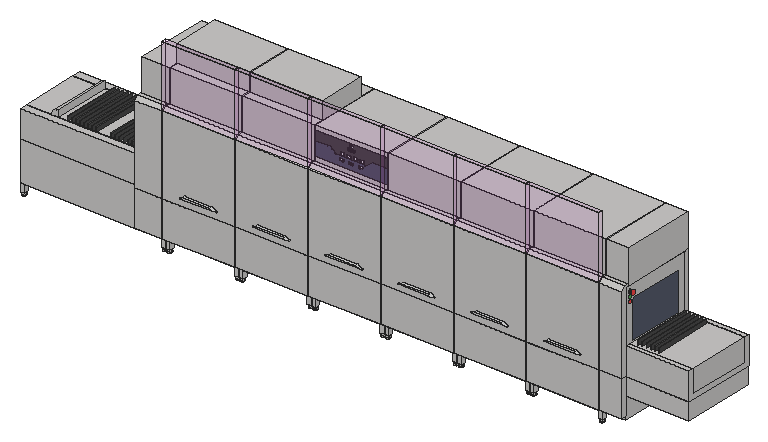
Revit family "QF_ELECTROLUXPROFESSIONAL_520128_EFTD108EL2U3D1M5ER385", category Attrezzature speciali, Revit 2020
Family settings
  Quota connettore circolare = Usa diametro
  Tipo di parte = Normale
  Basato su piano di lavoro = No
  Sempre verticale = Sì
  Taglio con vuoti quando caricato = No
  Condiviso = No
  Punto di calcolo locali = No
Parameters (values of type "Standard")
  Weight = 1602.00 kg
  Watts = 87700 W
  Volts = 380 V
  URL Manufacturer = "https://www.electroluxprofessional.com/"
  URL = "https://www.electroluxprofessional.com/"
  Steam Supply Size = 0 mm
  Steam Supply Minimum Pressure = 0.0 Pa
  Steam Supply Maximum Pressure = 0.0 Pa
  Steam Consumption per Hour = 0
  Show Logo [instance] = yes
  Show Clearance [instance] = yes
  Refrigeration Suction Line Size = 0 mm
  Refrigeration Liquid Line Size = 0 mm
  Refrigerant Compressor Remote = yes
  Prospetto di default = 0 mm
  Produttore = "Electrolux Professional"
  Phase = 3
  Modello = "EFTD108EL2U3D1M5ER385"
  Length Actual = 7350 mm  # constant formula
  Item Number = "520128"
  Hot Water Size = 0 mm
  Height Actual = 1983 mm  # constant formula
  HP = "117.6 HP"
  Gas Size = 0 mm
  Gas KW = 0
  Gas Input Pressure = 0 W
  Direct Waste Size = 50.8 mm
  Descrizione = "FT, 4TANKS, 10800D/H, EL., 950MM LOADING, 1600MM UNLOADING, 1DRYER, 55MM CONVEYOR,ESD,R>L,380V50HZ3P"
  Depth Actual = 946 mm  # constant formula
  Cycle = 50 Hz
  Condensate Return Size = 0 mm
  Compressed Air Volume = 0.0 L/s
  Compressed Air Size = 0 mm
  Compressed Air Pressure = 0.0 Pa
  Cold Water Size = 0 mm
  Accessory = yes
Reference planes
  plane 1 "Centro (Fronte/Retro)": y = 0
  plane 2: z = 0
  plane 3 "Centro (Sinistra/Destra)": x = 0
  plane 4: z = 115
Forms (mm)
  Extrusion 1, solid, material "QF_Finishes_Stainless Steel"
    sketch origin (2882.404, 2, 1806.023) x (1, 0, 0) y (0, 0, 1)
      loop
        line (407.596, -163.023) -> (407.596, -183.023) -> (427.596, -183.023) -> (427.596, -163.023) -> (407.596, -163.023)
    from 0 to 2
  Extrusion 2, solid, material "QF_Finishes_Stainless Steel"
    sketch origin (-5.617, 22.464, 1290.159) x (0, 0, -1) y (0, 1, 0)
      loop
        circle (1102.159, -772.464) r 25
    from -9.383 to 5.617
  Extrusion 3, solid, material "QF_Finishes_Stainless Steel"
    sketch origin (3542.404, 2, 337.984) x (1, 0, 0) y (0, 0, 1)
      loop
        line (407.596, -163.023) -> (407.596, -183.023) -> (427.596, -183.023) -> (427.596, -163.023) -> (407.596, -163.023)
    from 0 to 2
  Extrusion 4, solid, material "QF_Finishes_Stainless Steel"
    sketch origin (947.841, 200.464, 109.383) x (1, 0, 0) y (0, 1, 0)
      loop
        circle (1102.159, -772.464) r 10
    from -9.383 to 5.617
Dimensions and locks
  plane 4 to level = 115 mm
  aligned and locked: level to plane 2
Nested families
  nested 1: "MODULO_CENTER_800_FAN" at (1983.563, -388.258, 0), Show Clearance <- "Show Clearance", type "MODULO_CENTER_800_FAN"
    with Show Logo yes, Show Clearance yes, R_L no, L_R yes
  nested 2: "MODULO_CENTER_800_FAN" at (2783.563, -388.258, 0), Show Clearance <- "Show Clearance", type "MODULO_CENTER_800_FAN"
    with Show Logo yes, Show Clearance yes, R_L no, L_R yes
  nested 3: "MODULO_CENTER_800" at (3583.563, -388.258, 0), Show Clearance <- "Show Clearance", type "MODULO_CENTER_800"
    with Show Logo yes, Show Clearance yes, R_L no, L_R yes
  nested 4: "MODULO_ENTRY_DISH_950" at (6791.437, -523.742, 0) x (-1, 0, 0) z (0, 0, 1), type "MODULO_ENTRY_DISH_950"
    with Show Logo yes, Show Clearance yes, R_L yes, L_R no
  nested 5: "MODULO_USCITA_DISH_1600" at (1241.437, -523.742, 0) x (-1, 0, 0) z (0, 0, 1), type "MODULO_USCITA_DISH_1600"
    with Show Logo yes, Show Clearance yes, R_L no, L_R yes
  nested 6: "Piedino_Square_115H" at (23.5, -838.5, 0), type "Piedino_Square_115H"
  nested 7: "Piedino_Square_115H" at (23.5, -73.5, 0), type "Piedino_Square_115H"
  nested 8: "Piedino_Square_115H" at (1576.5, -838.5, 0), type "Piedino_Square_115H"
  nested 9: "Piedino_Square_115H" at (1576.5, -73.5, 0), type "Piedino_Square_115H"
  nested 10: "Piedino_Square_115H" at (1623.5, -838.5, 0), type "Piedino_Square_115H"
  nested 11: "Piedino_Square_115H" at (1623.5, -73.5, 0), type "Piedino_Square_115H"
  nested 12: "Piedino_Square_115H" at (2376.5, -838.5, 0), type "Piedino_Square_115H"
  nested 13: "Piedino_Square_115H" at (2376.5, -73.5, 0), type "Piedino_Square_115H"
  nested 14: "Piedino_Square_115H" at (2423.5, -838.5, 0) x (-1, 0, 0) z (0, 0, 1), type "Piedino_Square_115H"
  nested 15: "Piedino_Square_115H" at (2423.5, -73.5, 0) x (-1, 0, 0) z (0, 0, 1), type "Piedino_Square_115H"
  nested 16: "Piedino_Square_115H" at (3176.5, -838.5, 0) x (-1, 0, 0) z (0, 0, 1), type "Piedino_Square_115H"
  nested 17: "Piedino_Square_115H" at (3176.5, -73.5, 0) x (-1, 0, 0) z (0, 0, 1), type "Piedino_Square_115H"
  nested 18: "Piedino_Square_115H" at (3223.5, -838.5, 0), type "Piedino_Square_115H"
  nested 19: "Piedino_Square_115H" at (3223.5, -73.5, 0), type "Piedino_Square_115H"
  nested 20: "Piedino_Square_115H" at (3976.5, -838.5, 0), type "Piedino_Square_115H"
  nested 21: "Piedino_Square_115H" at (3976.5, -73.5, 0), type "Piedino_Square_115H"
  nested 22: "MANIGLIA_FLIGHT_400" at (3600, -912, 639.28) x (1, 0, 0) z (0, -1, 0), type "MANIGLIA_FLIGHT_400"
  nested 23: "MANIGLIA_FLIGHT_400" at (2800, -912, 639.28) x (1, 0, 0) z (0, -1, 0), type "MANIGLIA_FLIGHT_400"
  nested 24: "MANIGLIA_FLIGHT_400" at (2000, -912, 639.28) x (1, 0, 0) z (0, -1, 0), type "MANIGLIA_FLIGHT_400"
  nested 25: "MODULO_CENTER_800" at (4416.437, -388.258, 0) x (-1, 0, 0) z (0, 0, 1), Show Clearance <- "Show Clearance", type "MODULO_CENTER_800"
    with Show Logo yes, Show Clearance yes, R_L no, L_R yes
  nested 26: "Piedino_Square_115H" at (4776.5, -838.5, 0) x (-1, 0, 0) z (0, 0, 1), type "Piedino_Square_115H"
  nested 27: "Piedino_Square_115H" at (4776.5, -73.5, 0) x (-1, 0, 0) z (0, 0, 1), type "Piedino_Square_115H"
  nested 28: "Piedino_Square_115H" at (4023.5, -838.5, 0) x (-1, 0, 0) z (0, 0, 1), type "Piedino_Square_115H"
  nested 29: "Piedino_Square_115H" at (4023.5, -73.5, 0) x (-1, 0, 0) z (0, 0, 1), type "Piedino_Square_115H"
  nested 30: "MANIGLIA_FLIGHT_400" at (4400, -912, 639.28) x (-1, 0, 0) z (0, -1, 0), type "MANIGLIA_FLIGHT_400"
  nested 31: "MODULO_CENTER_800" at (5183.563, -388.258, 0), Show Clearance <- "Show Clearance", type "MODULO_CENTER_800"
    with Show Logo yes, Show Clearance yes, R_L no, L_R yes
  nested 32: "Piedino_Square_115H" at (4823.5, -838.5, 0), type "Piedino_Square_115H"
  nested 33: "Piedino_Square_115H" at (4823.5, -73.5, 0), type "Piedino_Square_115H"
  nested 34: "Piedino_Square_115H" at (5576.5, -838.5, 0), type "Piedino_Square_115H"
  nested 35: "Piedino_Square_115H" at (5576.5, -73.5, 0), type "Piedino_Square_115H"
  nested 36: "MANIGLIA_FLIGHT_400" at (5200, -912, 639.28) x (1, 0, 0) z (0, -1, 0), type "MANIGLIA_FLIGHT_400"
  nested 37: "MODULO_CENTER_800" at (6016.437, -388.258, 0) x (-1, 0, 0) z (0, 0, 1), Show Clearance <- "Show Clearance", type "MODULO_CENTER_800"
    with Show Logo yes, Show Clearance yes, R_L no, L_R yes
  nested 38: "Piedino_Square_115H" at (6376.5, -838.5, 0) x (-1, 0, 0) z (0, 0, 1), type "Piedino_Square_115H"
  nested 39: "Piedino_Square_115H" at (6376.5, -73.5, 0) x (-1, 0, 0) z (0, 0, 1), type "Piedino_Square_115H"
  nested 40: "Piedino_Square_115H" at (5623.5, -838.5, 0) x (-1, 0, 0) z (0, 0, 1), type "Piedino_Square_115H"
  nested 41: "Piedino_Square_115H" at (5623.5, -73.5, 0) x (-1, 0, 0) z (0, 0, 1), type "Piedino_Square_115H"
  nested 42: "MANIGLIA_FLIGHT_400" at (6000, -912, 639.28) x (-1, 0, 0) z (0, -1, 0), type "MANIGLIA_FLIGHT_400"
  nested 43: "Schermo_Flight_800" at (3600, -815, 1592.791) x (1, 0, 0) z (0, -1, 0), type "Schermo_Flight_800"
  nested 44: "ELX_LOGO_WORDS_WHITE" at (3600, -816.6, 1682.791) x (1, 0, 0) z (0, -1, 0), Show Logo <- "Show Logo", visible <- "Show Logo", type "ELX_LOGO_WORDS_WHITE"
    with Show Logo yes
  nested 45: "ELX_LOGO_MONO_SMALL_WHITE" at (3590.08, -816.6, 1668.791) x (-1, 0, 0) z (0, -1, 0), Show Logo <- "Show Logo", visible <- "Show Logo", type "ELX_LOGO_MONO_SMALL_WHITE"
    with Show Logo yes
Connectors
  electrical at (3300, 2, 1633)
    settings: on Extrusion 1, index 69, voltage 0 V, apparent load 0 VA, apparent load phase1 0 VA, apparent load phase2 0 VA, apparent load phase3 0 VA, power factor 1, load classification "Altro", number of poles 1, system type 30, power factor state 1, is connector primary yes, connector utility no, sub classification motor no, connector description "EI"
  piping at (-15, -750, 188), diameter 50
    settings: on Extrusion 2, index 70, connector inside diameter 609.6 mm, connector length 0 mm, flow factor 0, pipe flow 0.0 L/s, pressure drop 0.0 Pa, fitting loss kfactor 0, connector angle 0.00°, fixture units 0, engagement length 0 mm, angle of deflection 0.00°, flow configuration 0, flow direction 0, fitting loss method 0, system type 29, joint type 0, gender type 0, connector reference index -1, connector utility 0, adjustable connector no, is connector primary yes, connector description "D"
  electrical at (3960, 2, 164.961)
    settings: on Extrusion 3, index 71, voltage 0 V, apparent load 0 VA, apparent load phase1 0 VA, apparent load phase2 0 VA, apparent load phase3 0 VA, power factor 1, load classification "Altro", number of poles 1, system type 30, power factor state 1, is connector primary no, connector utility no, sub classification motor no, connector description "EQ"
  piping at (2050, -572, 100), diameter 19.1
    settings: on Extrusion 4, index 72, connector inside diameter 609.6 mm, connector length 0 mm, flow factor 0, pipe flow 0.0 L/s, pressure drop 0.0 Pa, fitting loss kfactor 0, connector angle 0.00°, fixture units 0, engagement length 0 mm, angle of deflection 0.00°, flow configuration 0, flow direction 0, fitting loss method 0, system type 29, joint type 0, gender type 0, connector reference index -1, connector utility 0, adjustable connector no, is connector primary no, connector description "HWI/CWI"
Definition of nested family "MODULO_CENTER_800_FAN"
  Parameters (values of type "MODULO_CENTER_800_FAN")
    URL = "http://professional.electrolux.com"
    Show Logo [instance] = yes
    R_L [instance] = not(L_R)  # no
    Default Elevation = 0 mm
    Manufacturer = "Electrolux"
    Model = "ESR10E5"
    Length Actual = 800 mm
    Show Clearance [instance] = yes
    L_R [instance] = yes
    Height Actual = 1792 mm
    Description = "SINGLE RINSE RT, 100R/H, ELECTRIC 50HZ"
    Depth Actual = 912 mm
  Reference planes
    plane 1 "Center X": y = -67.742
    plane 2: z = 0
    plane 3 "LEFT": x = -383.563
    plane 4 "RIGHT": x = 416.437
    plane 5 "BACK": y = 388.258
    plane 6 "FEET": z = 115
    plane 7: z = 2092
    plane 8 "TOP": z = 1792
    plane 9 "FRONT": y = -523.742
    plane 10 "Left/Right": x = 16.437
    plane 11 "TopVent": z = 1983
  Forms (mm)
    Extrusion 1, solid
      sketch origin (416.437, 479.936, 4000) x (0, 1, 0) y (0, 0, 1)
        loop
          line (-91.678, -2208) -> (-906.678, -2208) -> (-906.678, -2580) -> (-91.678, -2580) -> (-91.678, -2208)
      from -800 to 0
    Extrusion 2, solid
      sketch origin (-383.563, 437.565, 3910) x (0, 1, 0) y (0, 0, 1)
        loop
          line (-99.307, -2490) -> (-911.307, -2490) -> (-911.307, -3552) -> (-99.307, -3552) -> (-99.307, -2490)
      from 800 to 0
    Extrusion 3, solid
      sketch origin (416.437, 479.936, 4299) x (0, 1, 0) y (0, 0, 1)
        loop
          line (-278.21, -2316) -> (-803.678, -2316) -> (-803.678, -2507) -> (-278.21, -2507) -> (-278.21, -2316)
      from -800 to 0
    Extrusion 4, solid
      sketch origin (16.437, 0, 1.5) x (0, 0, 1) y (0, -1, 0)
        loop
          line (356.5, -338.258) -> (356.5, 473.742) -> (113.5, 473.742) -> (113.5, -338.258) -> (356.5, -338.258)
      from 400 to -400
    Extrusion 5, solid
      sketch origin (16.437, 0, 0) x (0, 0, 1) y (0, -1, 0)
        loop
          line (1420, -338.258) -> (545, -338.258) -> (545, -388.258) -> (1420, -388.258) -> (1420, -338.258)
      from -400 to 400
    Extrusion 6, solid
      sketch origin (16.437, 0, 0) x (0, 0, 1) y (0, -1, 0)
        loop
          line (545, -388.258) -> (545, -338.258) -> (154, -338.258) -> (154, -388.258) -> (545, -388.258)
      from -400 to 400
    Extrusion 7, solid
      sketch origin (16.437, -882.484, -150) x (0, -1, 0) y (0, 0, 1)
        loop
          line (-358.742, 304) -> (-358.742, 695) -> (-408.742, 695) -> (-408.742, 304) -> (-358.742, 304)
      from -400 to 400
    Extrusion 8, solid
      sketch origin (16.437, -882.484, -151) x (0, -1, 0) y (0, 0, 1)
        loop
          line (-408.742, 1571) -> (-408.742, 696) -> (-358.742, 696) -> (-358.742, 1556) -> (-395.742, 1593) -> (-443.742, 1593) -> (-443.742, 1571) -> (-408.742, 1571)
      from -400 to 400
    Extrusion 9, solid, visible <- "Show Clearance"
      sketch origin (16.437, -882.484, 452) x (0, -1, 0) y (0, 0, 1)
        loop
          line (-408.742, 1640) -> (-408.742, 953.624) -> (-358.742, 953.624) -> (-358.742, 1640) -> (-408.742, 1640)
      from -400 to 400
  Dimensions and locks
    plane 3 "LEFT" to plane 4 "RIGHT" = 800 mm
    plane 5 "BACK" to plane 1 "Center X" to plane 9 "FRONT" = 456 mm, 456 mm
    plane 6 "FEET" to level = 115 mm  (x2)
    plane 6 "FEET" to plane 8 "TOP" = 1677 mm
    plane 5 "BACK" to plane 9 "FRONT" = 912 mm  (x2)
    plane 4 "RIGHT" to plane 3 "LEFT" = 800 mm
    plane 9 "FRONT" to plane 5 "BACK" = 912 mm
    level to plane 8 "TOP" = 1792 mm  (x2)
    plane 7 to level = 2092 mm
    plane 11 "TopVent" to plane 2 = 1983 mm
    plane 7 to plane 2 = 2092 mm
    Extrusion 2 to level = 1420 mm
    Extrusion 8 to level = 1442 mm
    plane 11 "TopVent" to level = 1983 mm
    aligned and locked: level to plane 2
Definition of nested family "MODULO_CENTER_800"
  Parameters (values of type "MODULO_CENTER_800")
    URL = "http://professional.electrolux.com"
    Show Logo [instance] = yes
    R_L [instance] = not(L_R)  # no
    Default Elevation = 0 mm
    Manufacturer = "Electrolux"
    Model = "ESR10E5"
    Length Actual = 800 mm
    Show Clearance [instance] = yes
    L_R [instance] = yes
    Height Actual = 1792 mm
    Description = "SINGLE RINSE RT, 100R/H, ELECTRIC 50HZ"
    Depth Actual = 912 mm
  Reference planes
    plane 1 "Center X": y = -67.742
    plane 2: z = 0
    plane 3 "LEFT": x = -383.563
    plane 4 "RIGHT": x = 416.437
    plane 5 "BACK": y = 388.258
    plane 6 "FEET": z = 115
    plane 7: z = 2092
    plane 8 "TOP": z = 1792
    plane 9 "FRONT": y = -523.742
    plane 10 "Left/Right": x = 16.437
  Forms (mm)
    Extrusion 1, solid
      sketch origin (416.437, 479.936, 4000) x (0, 1, 0) y (0, 0, 1)
        loop
          line (-91.678, -2208) -> (-906.678, -2208) -> (-906.678, -2580) -> (-91.678, -2580) -> (-91.678, -2208)
      from -800 to 0
    Extrusion 2, solid
      sketch origin (-383.563, 437.565, 3915) x (0, 1, 0) y (0, 0, 1)
        loop
          line (-99.307, -2495) -> (-911.307, -2495) -> (-911.307, -3557) -> (-99.307, -3557) -> (-99.307, -2495)
      from 800 to 0
    Extrusion 3, solid
      sketch origin (16.437, 0, 1.5) x (0, 0, 1) y (0, -1, 0)
        loop
          line (356.5, -338.258) -> (356.5, 473.742) -> (113.5, 473.742) -> (113.5, -338.258) -> (356.5, -338.258)
      from 400 to -400
    Extrusion 4, solid
      sketch origin (16.437, 0, 0) x (0, 0, 1) y (0, -1, 0)
        loop
          line (1420, -338.258) -> (545, -338.258) -> (545, -388.258) -> (1420, -388.258) -> (1420, -338.258)
      from -400 to 400
    Extrusion 5, solid
      sketch origin (16.437, 0, 0) x (0, 0, 1) y (0, -1, 0)
        loop
          line (545, -388.258) -> (545, -338.258) -> (154, -338.258) -> (154, -388.258) -> (545, -388.258)
      from -400 to 400
    Extrusion 6, solid
      sketch origin (16.437, -882.484, -150) x (0, -1, 0) y (0, 0, 1)
        loop
          line (-358.742, 304) -> (-358.742, 695) -> (-408.742, 695) -> (-408.742, 304) -> (-358.742, 304)
      from -400 to 400
    Extrusion 7, solid
      sketch origin (16.437, -882.484, -151) x (0, -1, 0) y (0, 0, 1)
        loop
          line (-408.742, 1571) -> (-408.742, 696) -> (-358.742, 696) -> (-358.742, 1556) -> (-395.742, 1593) -> (-443.742, 1593) -> (-443.742, 1571) -> (-408.742, 1571)
      from -400 to 400
    Extrusion 8, solid, visible <- "Show Clearance"
      sketch origin (16.437, -882.484, 452) x (0, -1, 0) y (0, 0, 1)
        loop
          line (-408.742, 1640) -> (-408.742, 953.624) -> (-358.742, 953.624) -> (-358.742, 1640) -> (-408.742, 1640)
      from -400 to 400
  Dimensions and locks
    plane 3 "LEFT" to plane 4 "RIGHT" = 800 mm
    plane 5 "BACK" to plane 1 "Center X" to plane 9 "FRONT" = 456 mm, 456 mm
    plane 6 "FEET" to level = 115 mm  (x2)
    plane 6 "FEET" to plane 8 "TOP" = 1677 mm
    plane 5 "BACK" to plane 9 "FRONT" = 912 mm  (x2)
    plane 4 "RIGHT" to plane 3 "LEFT" = 800 mm
    plane 9 "FRONT" to plane 5 "BACK" = 912 mm
    level to plane 8 "TOP" = 1792 mm  (x2)
    plane 7 to level = 2092 mm
    plane 7 to plane 2 = 2092 mm
    Extrusion 2 to level = 1420 mm
    Extrusion 7 to level = 1442 mm
    aligned and locked: level to plane 2
Definition of nested family "MODULO_ENTRY_DISH_950"
  Parameters (values of type "MODULO_ENTRY_DISH_950")
    URL = "http://professional.electrolux.com"
    Show Logo [instance] = yes
    R_L [instance] = not(L_R)  # no
    Default Elevation = 0 mm
    Manufacturer = "Electrolux"
    Model = "ESR10E5"
    Length Actual = 800 mm
    Show Clearance [instance] = yes
    L_R [instance] = yes
    Height Actual = 1792 mm
    Description = "SINGLE RINSE RT, 100R/H, ELECTRIC 50HZ"
    Depth Actual = 912 mm
  Reference planes
    plane 1 "Center (Front/Back)": y = -67.742
    plane 2: z = 0
    plane 3 "LEFT": x = -558.563
    plane 4 "RIGHT": x = 391.437
    plane 5 "BACK": y = 388.258
    plane 6 "FRONT": y = -523.742
    plane 7 "BUTTONS": y = -427.742
    plane 8: z = 115
    plane 9 "2": y = 292.258
  Forms (mm)
    Extrusion 1, solid, visible <- "L_R"
      sketch origin (391.437, 479.936, 4000) x (0, 1, 0) y (0, 0, 1)
        loop
          line (-91.678, -2208) -> (-906.678, -2208) -> (-906.678, -2580) -> (-91.678, -2580) -> (-91.678, -2208)
      from -250 to 0
    Extrusion 2, solid
      sketch origin (-358.563, 437.565, 3910) x (0, 1, 0) y (0, 0, 1)
        loop
          line (-99.307, -2490) -> (-911.307, -2490) -> (-911.307, -3552) -> (-99.307, -3552) -> (-99.307, -2490)
      from 750 to 500
    Extrusion 3, solid
      sketch origin (-558.563, 437.565, 3910) x (0, 1, 0) y (0, 0, 1)
        loop
          line (-99.307, -3365) -> (-99.307, -3060) -> (-149.307, -3060) -> (-149.307, -3315) -> (-861.307, -3315) -> (-861.307, -3060) -> (-911.307, -3060) -> (-911.307, -3365) -> (-99.307, -3365)
      from 700 to 0
    Extrusion 4, solid
      sketch origin (16.437, 0, -4.987) x (0, 0, 1) y (0, -1, 0)
        loop
          line (362.987, -338.258) -> (362.987, 473.742) -> (119.987, 473.742) -> (119.987, -338.258) -> (362.987, -338.258)
      from 375 to 125
    Extrusion 5, solid, visible <- "L_R"
      sketch origin (16.437, 0, 0) x (0, 0, 1) y (0, -1, 0)
        loop
          line (1420, -338.258) -> (545, -338.258) -> (545, -388.258) -> (1420, -388.258) -> (1420, -338.258)
      from 125 to 375
    Extrusion 6, solid
      sketch origin (16.437, 0, 0) x (0, 0, 1) y (0, -1, 0)
        loop
          line (545, -388.258) -> (545, -338.258) -> (154, -338.258) -> (154, -388.258) -> (545, -388.258)
      from 125 to 375
    Extrusion 7, solid
      sketch origin (-558.563, 437.565, 3607.258) x (0, 1, 0) y (0, 0, 1)
        loop
          line (-99.307, -3249.258) -> (-99.307, -3062.258) -> (-911.307, -3062.258) -> (-911.307, -3249.258) -> (-99.307, -3249.258)
      from 700 to 0
    Extrusion 8, solid
      sketch origin (-558.563, 437.565, 4000) x (0, 1, 0) y (0, 0, 1)
        loop
          line (-149.307, -3150) -> (-861.307, -3150) -> (-861.307, -3405) -> (-149.307, -3405) -> (-149.307, -3150)
      from 0 to 700
    Extrusion 9, solid
      sketch origin (266.437, -882.484, -150) x (0, -1, 0) y (0, 0, 1)
        loop
          line (-358.742, 304) -> (-358.742, 695) -> (-408.742, 695) -> (-408.742, 304) -> (-358.742, 304)
      from -125 to 125
    Extrusion 10, solid, visible <- "L_R"
      sketch origin (266.437, -882.484, -151) x (0, -1, 0) y (0, 0, 1)
        loop
          line (-408.742, 1571) -> (-408.742, 696) -> (-358.742, 696) -> (-358.742, 1556) -> (-395.742, 1593) -> (-443.742, 1593) -> (-443.742, 1571) -> (-408.742, 1571)
      from -125 to 125
    Extrusion 11, solid
      sketch origin (-358.563, 437.565, 4000) x (0, 1, 0) y (0, 0, 1)
        loop
          line (-199.307, -2725.701) -> (-811.307, -2725.701) -> (-811.307, -3137.701) -> (-199.307, -3137.701) -> (-199.307, -2725.701)
      from 495.458 to 500
    Extrusion 12, solid, visible <- "R_L"
      sketch origin (266.437, 747, -151) x (0, 1, 0) y (0, 0, -1)
        loop
          line (-408.742, -1571) -> (-443.742, -1571) -> (-443.742, -1593) -> (-395.742, -1593) -> (-358.742, -1556) -> (-358.742, -696) -> (-408.742, -696) -> (-408.742, -1571)
      from -125 to 125
    Extrusion 13, solid, visible <- "R_L"
      sketch origin (16.437, -135.484, 0) x (0, 0, 1) y (0, -1, 0)
        loop
          line (1420, 338.258) -> (1420, 388.258) -> (545, 388.258) -> (545, 338.258) -> (1420, 338.258)
      from 125 to 375
    Extrusion 14, solid, visible <- "R_L"
      sketch origin (391.437, -615.42, 4000) x (0, -1, 0) y (0, 0, -1)
        loop
          line (-91.678, 2208) -> (-91.678, 2580) -> (-906.678, 2580) -> (-906.678, 2208) -> (-91.678, 2208)
      from -250 to 0
    Extrusion 15, solid
      sketch origin (-191.477, -192.742, -3) x (-1, 0, 0) y (0, 0, 1)
        loop
          line (-26.676, 853) -> (-26.676, 898) -> (-36.676, 898) -> (-36.676, 853) -> (-26.676, 853)
      from -196 to 446
    Extrusion 16, solid
      sketch origin (-146.477, -192.742, -3) x (-1, 0, 0) y (0, 0, 1)
        loop
          line (-26.676, 853) -> (-26.676, 898) -> (-36.676, 898) -> (-36.676, 853) -> (-26.676, 853)
      from -196 to 446
    Extrusion 17, solid
      sketch origin (-101.477, -192.742, -3) x (-1, 0, 0) y (0, 0, 1)
        loop
          line (-26.676, 853) -> (-26.676, 898) -> (-36.676, 898) -> (-36.676, 853) -> (-26.676, 853)
      from -196 to 446
    Extrusion 18, solid
      sketch origin (-56.477, -192.742, -3) x (-1, 0, 0) y (0, 0, 1)
        loop
          line (-26.676, 853) -> (-26.676, 898) -> (-36.676, 898) -> (-36.676, 853) -> (-26.676, 853)
      from -196 to 446
    Extrusion 19, solid
      sketch origin (-11.477, -192.742, -3) x (-1, 0, 0) y (0, 0, 1)
        loop
          line (-26.676, 853) -> (-26.676, 898) -> (-36.676, 898) -> (-36.676, 853) -> (-26.676, 853)
      from -196 to 446
    Extrusion 20, solid
      sketch origin (33.523, -192.742, -3) x (-1, 0, 0) y (0, 0, 1)
        loop
          line (-26.676, 853) -> (-26.676, 898) -> (-36.676, 898) -> (-36.676, 853) -> (-26.676, 853)
      from -196 to 446
  Dimensions and locks
    plane 3 "LEFT" to plane 4 "RIGHT" = 950 mm
    plane 5 "BACK" to plane 1 "Center (Front/Back)" to plane 6 "FRONT" = 456 mm, 456 mm
    plane 5 "BACK" to plane 6 "FRONT" = 912 mm  (x2)
    plane 4 "RIGHT" to plane 3 "LEFT" = 950 mm  (x2)
    plane 6 "FRONT" to plane 5 "BACK" = 912 mm
    plane 8 to level = 115 mm
    Extrusion 1 to level = 1792 mm
    Extrusion 3 to level = 850 mm
    aligned and locked: level to plane 2
  Nested families
    nested 1: "BOTTONE_RED_STOP" at (141.437, -427.742, 1266.906) x (0, -1, 0) z (-1, 0, 0), visible <- "L_R", type "BOTTONE_RED_STOP"
    nested 2: "BOTTONE_EMERGENCY_STOP" at (141.437, -427.742, 1370) x (0, -1, 0) z (-1, 0, 0), visible <- "L_R", type "BOTTONE_EMERGENCY_STOP"
    nested 3: "BOTTONE_GREEN_START" at (141.437, -427.742, 1316.906) x (0, -1, 0) z (-1, 0, 0), visible <- "L_R", type "BOTTONE_GREEN_START"
    nested 4: "BOTTONE_RED_STOP" at (141.437, 292.258, 1267.906) x (0, 1, 0) z (-1, 0, 0), visible <- "R_L", type "BOTTONE_RED_STOP"
    nested 5: "BOTTONE_EMERGENCY_STOP" at (141.437, 292.258, 1371) x (0, 1, 0) z (-1, 0, 0), visible <- "R_L", type "BOTTONE_EMERGENCY_STOP"
    nested 6: "BOTTONE_GREEN_START" at (141.437, 292.258, 1317.906) x (0, 1, 0) z (-1, 0, 0), visible <- "R_L", type "BOTTONE_GREEN_START"
  Definition of nested family "BOTTONE_RED_STOP"
    Parameters (values of type "BOTTONE_RED_STOP")
      Default Elevation = 1219.2 mm
    Reference planes
      plane 1 "Centro (Fronte/Retro)": y = 0
      plane 2: z = 0
      plane 3 "Centro (Sinistra/Destra)": x = 0
    Forms (mm)
      Extrusion 1, solid
        sketch origin (0, 0, 0) x (1, 0, 0) y (0, 1, 0)
          loop
            line (-1219.2, 1219.2) -> (-1219.2, -1219.2) -> (1219.2, -1219.2) -> (1219.2, 1219.2) -> (-1219.2, 1219.2)
        from 0 to -304.8
      Extrusion 2, solid
        sketch origin (-367.513, 69.533, 15) x (-1, 0, 0) y (0, 1, 0)
          loop
            circle (-367.513, -69.533) r 15
        from 0 to 15
    Dimensions and locks
      aligned and locked: plane 2 to Extrusion 1
      aligned and locked: level to Extrusion 1
  Definition of nested family "BOTTONE_EMERGENCY_STOP"
    Parameters
      Default Elevation = 1219.2 mm
    Reference planes
      plane 1 "Centro (Fronte/Retro)": y = 0
      plane 2: z = 0
      plane 3 "Centro (Sinistra/Destra)": x = 0
    Forms (mm)
      Extrusion 1, solid
        sketch origin (0, 0, 0) x (1, 0, 0) y (0, 1, 0)
          loop
            line (-1219.2, 1219.2) -> (-1219.2, -1219.2) -> (1219.2, -1219.2) -> (1219.2, 1219.2) -> (-1219.2, 1219.2)
        from 0 to -304.8
      Extrusion 2, solid
        sketch origin (0, 0, 0) x (1, 0, 0) y (0, 1, 0)
          loop
            circle (0, 0) r 15
        from 0 to 20.273
      Blend 3, solid
        base sketch origin (-49.801, 0, 0) x (1, 0, 0) y (0, 1, 0)
          loop
            circle (49.801, 0) r 15
        top sketch origin (-49.801, 0, 0) x (1, 0, 0) y (0, 1, 0)
          loop
            circle (49.801, 0) r 25
        from 20.273 to 47.605
    Dimensions and locks
      aligned and locked: plane 2 to Extrusion 1
      aligned and locked: level to Extrusion 1
  Definition of nested family "BOTTONE_GREEN_START"
    Parameters (values of type "BOTTONE_GREEN_START")
      Default Elevation = 1219.2 mm
    Reference planes
      plane 1 "Centro (Fronte/Retro)": y = 0
      plane 2: z = 0
      plane 3 "Centro (Sinistra/Destra)": x = 0
    Forms (mm)
      Extrusion 1, solid
        sketch origin (0, 0, 0) x (1, 0, 0) y (0, 1, 0)
          loop
            line (-1219.2, 1219.2) -> (-1219.2, -1219.2) -> (1219.2, -1219.2) -> (1219.2, 1219.2) -> (-1219.2, 1219.2)
        from 0 to -304.8
      Extrusion 2, solid
        sketch origin (-367.513, 69.533, 15) x (-1, 0, 0) y (0, 1, 0)
          loop
            circle (-367.513, -69.533) r 15
        from 0 to 15
    Dimensions and locks
      aligned and locked: plane 2 to Extrusion 1
      aligned and locked: level to Extrusion 1
Definition of nested family "MODULO_USCITA_DISH_1600"
  Parameters (values of type "MODULO_USCITA_DISH_1600")
    URL = "http://professional.electrolux.com"
    Show Logo [instance] = yes
    R_L [instance] = not(L_R)  # yes
    Default Elevation = 0 mm
    Manufacturer = "Electrolux"
    Model = "ESR10E5"
    Length Actual = 800 mm
    Show Clearance [instance] = yes
    L_R [instance] = no
    Height Actual = 1792 mm
    Description = "SINGLE RINSE RT, 100R/H, ELECTRIC 50HZ"
    Depth Actual = 912 mm
  Reference planes
    plane 1 "Center (Front/Back)": y = -67.742
    plane 2: z = 0
    plane 3 "LEFT": x = -358.563
    plane 4 "BACK": y = 388.258
    plane 5 "FEET": z = 115
    plane 6 "TOP": z = 1792
    plane 7 "FRONT": y = -523.742
    plane 8: x = -358.563
    plane 9: y = -427.742
    plane 10 "RIGHT": x = 1241.437
  Forms (mm)
    Extrusion 1, solid, visible <- "R_L"
      sketch origin (-358.563, 479.936, 4003) x (0, 1, 0) y (0, 0, -1)
        loop
          line (-91.678, 2211) -> (-91.678, 2583) -> (-906.678, 2583) -> (-906.678, 2211) -> (-91.678, 2211)
      from -300 to 0
    Extrusion 2, solid
      sketch origin (-358.563, 437.565, 4003) x (0, 1, 0) y (0, 0, 1)
        loop
          line (-99.307, -3458) -> (-911.307, -3458) -> (-911.307, -3888) -> (-99.307, -3888) -> (-99.307, -3458)
      from 300 to 0
    Extrusion 3, solid
      sketch origin (-358.563, 479.936, 4003) x (0, 1, 0) y (0, 0, -1)
        loop
          line (-141.678, 2583) -> (-141.678, 3458) -> (-953.678, 3458) -> (-953.678, 2583) -> (-141.678, 2583)
      from -300 to 0
    Extrusion 4, solid
      sketch origin (391.437, 437.565, 3913) x (0, 1, 0) y (0, 0, -1)
        loop
          line (-99.307, 3368) -> (-911.307, 3368) -> (-911.307, 3063) -> (-826.307, 3063) -> (-826.307, 3318) -> (-184.307, 3318) -> (-184.307, 3063) -> (-99.307, 3063) -> (-99.307, 3368)
      from 450 to -850
    Extrusion 5, solid, visible <- "R_L"
      sketch origin (16.437, 0, 3) x (0, 0, 1) y (0, 1, 0)
        loop
          line (1417, 338.258) -> (1417, 388.258) -> (542, 388.258) -> (542, 338.258) -> (1417, 338.258)
      from 75 to 375
    Extrusion 6, solid
      sketch origin (16.437, 0, 3) x (0, 0, 1) y (0, 1, 0)
        loop
          line (542, 388.258) -> (151, 388.258) -> (151, 338.258) -> (542, 338.258) -> (542, 388.258)
      from 75 to 375
    Extrusion 7, solid
      sketch origin (391.437, 437.565, 3610.258) x (0, 1, 0) y (0, 0, -1)
        loop
          line (-99.307, 3495.258) -> (-911.307, 3495.258) -> (-911.307, 3065.258) -> (-99.307, 3065.258) -> (-99.307, 3495.258)
      from 450 to -850
    Extrusion 8, solid
      sketch origin (1241.437, 0, 3) x (0, 1, 0) y (0, 0, 1)
        loop
          line (253.258, 847) -> (-388.742, 847) -> (-388.742, 592) -> (253.258, 592) -> (253.258, 847)
      from 0 to -1300
    Extrusion 9, solid
      sketch origin (-358.563, 437.565, 3928) x (0, 1, 0) y (0, 0, 1)
        loop
          line (-811.307, -3065.701) -> (-199.307, -3065.701) -> (-199.307, -2653.701) -> (-811.307, -2653.701) -> (-811.307, -3065.701)
      from 300 to 304.77
    Extrusion 10, solid
      sketch origin (-208.563, -115, -147) x (0, 1, 0) y (0, 0, 1)
        loop
          line (-358.742, 301) -> (-358.742, 692) -> (-408.742, 692) -> (-408.742, 301) -> (-358.742, 301)
      from -150 to 150
    Extrusion 11, solid, visible <- "R_L"
      sketch origin (-208.563, -882.484, -151) x (0, -1, 0) y (0, 0, 1)
        loop
          line (-408.742, 1571) -> (-408.742, 696) -> (-358.742, 696) -> (-358.742, 1556) -> (-395.742, 1593) -> (-443.742, 1593) -> (-443.742, 1571) -> (-408.742, 1571)
      from -150 to 150
    Extrusion 12, solid
      sketch origin (-39.574, -192.742, -3) x (-1, 0, 0) y (0, 0, 1)
        loop
          line (-26.676, 853) -> (-26.676, 898) -> (-36.676, 898) -> (-36.676, 853) -> (-26.676, 853)
      from -196 to 446
    Extrusion 13, solid
      sketch origin (5.426, -192.742, -3) x (-1, 0, 0) y (0, 0, 1)
        loop
          line (-26.676, 853) -> (-26.676, 898) -> (-36.676, 898) -> (-36.676, 853) -> (-26.676, 853)
      from -196 to 446
    Extrusion 14, solid
      sketch origin (50.426, -192.742, -3) x (-1, 0, 0) y (0, 0, 1)
        loop
          line (-26.676, 853) -> (-26.676, 898) -> (-36.676, 898) -> (-36.676, 853) -> (-26.676, 853)
      from -196 to 446
    Extrusion 15, solid
      sketch origin (95.426, -192.742, -3) x (-1, 0, 0) y (0, 0, 1)
        loop
          line (-26.676, 853) -> (-26.676, 898) -> (-36.676, 898) -> (-36.676, 853) -> (-26.676, 853)
      from -196 to 446
    Extrusion 16, solid
      sketch origin (140.426, -192.742, -3) x (-1, 0, 0) y (0, 0, 1)
        loop
          line (-26.676, 853) -> (-26.676, 898) -> (-36.676, 898) -> (-36.676, 853) -> (-26.676, 853)
      from -196 to 446
    Extrusion 17, solid
      sketch origin (185.426, -192.742, -3) x (-1, 0, 0) y (0, 0, 1)
        loop
          line (-26.676, 853) -> (-26.676, 898) -> (-36.676, 898) -> (-36.676, 853) -> (-26.676, 853)
      from -196 to 446
    Extrusion 18, solid
      sketch origin (230.426, -192.742, -3) x (-1, 0, 0) y (0, 0, 1)
        loop
          line (-26.676, 853) -> (-26.676, 898) -> (-36.676, 898) -> (-36.676, 853) -> (-26.676, 853)
      from -196 to 446
    Extrusion 19, solid
      sketch origin (275.426, -192.742, -3) x (-1, 0, 0) y (0, 0, 1)
        loop
          line (-26.676, 853) -> (-26.676, 898) -> (-36.676, 898) -> (-36.676, 853) -> (-26.676, 853)
      from -196 to 446
    Revolve 20, solid
      sketch origin (460, 0, 850) x (1, 0, 0) y (0, 1, 0)
        loop
          line (430.204, 253.258) -> (430.204, -388.742) -> (502.335, -388.742) -> (502.335, 253.258) -> (430.204, 253.258)
        axis (430.204, 253.258) -> (430.204, -388.742)
      angle from 0 to -90
    Extrusion 21, solid, visible <- "L_R"
      sketch origin (-208.563, 747, -151) x (0, 1, 0) y (0, 0, -1)
        loop
          line (-408.742, -1571) -> (-443.742, -1571) -> (-443.742, -1593) -> (-395.742, -1593) -> (-358.742, -1556) -> (-358.742, -696) -> (-408.742, -696) -> (-408.742, -1571)
      from -150 to 150
    Extrusion 22, solid, visible <- "L_R"
      sketch origin (16.437, -135.484, 3) x (0, 0, 1) y (0, 1, 0)
        loop
          line (1417, -338.258) -> (542, -338.258) -> (542, -388.258) -> (1417, -388.258) -> (1417, -338.258)
      from 75 to 375
    Extrusion 23, solid, visible <- "L_R"
      sketch origin (-358.563, -615.42, 4003) x (0, -1, 0) y (0, 0, 1)
        loop
          line (-91.678, -2211) -> (-906.678, -2211) -> (-906.678, -2583) -> (-91.678, -2583) -> (-91.678, -2211)
      from -300 to 0
    Extrusion 24, solid
      sketch origin (440.426, -192.742, -3) x (-1, 0, 0) y (0, 0, 1)
        loop
          line (-26.676, 853) -> (-26.676, 898) -> (-36.676, 898) -> (-36.676, 853) -> (-26.676, 853)
      from -196 to 446
    Extrusion 25, solid
      sketch origin (485.426, -192.742, -3) x (-1, 0, 0) y (0, 0, 1)
        loop
          line (-26.676, 853) -> (-26.676, 898) -> (-36.676, 898) -> (-36.676, 853) -> (-26.676, 853)
      from -196 to 446
    Extrusion 26, solid
      sketch origin (530.426, -192.742, -3) x (-1, 0, 0) y (0, 0, 1)
        loop
          line (-26.676, 853) -> (-26.676, 898) -> (-36.676, 898) -> (-36.676, 853) -> (-26.676, 853)
      from -196 to 446
    Extrusion 27, solid
      sketch origin (575.426, -192.742, -3) x (-1, 0, 0) y (0, 0, 1)
        loop
          line (-26.676, 853) -> (-26.676, 898) -> (-36.676, 898) -> (-36.676, 853) -> (-26.676, 853)
      from -196 to 446
    Extrusion 28, solid
      sketch origin (620.426, -192.742, -3) x (-1, 0, 0) y (0, 0, 1)
        loop
          line (-26.676, 853) -> (-26.676, 898) -> (-36.676, 898) -> (-36.676, 853) -> (-26.676, 853)
      from -196 to 446
    Extrusion 29, solid
      sketch origin (665.426, -192.742, -3) x (-1, 0, 0) y (0, 0, 1)
        loop
          line (-26.676, 853) -> (-26.676, 898) -> (-36.676, 898) -> (-36.676, 853) -> (-26.676, 853)
      from -196 to 446
    Extrusion 30, solid
      sketch origin (710.426, -192.742, -3) x (-1, 0, 0) y (0, 0, 1)
        loop
          line (-26.676, 853) -> (-26.676, 898) -> (-36.676, 898) -> (-36.676, 853) -> (-26.676, 853)
      from -196 to 446
    Extrusion 31, solid
      sketch origin (755.426, -192.742, -3) x (-1, 0, 0) y (0, 0, 1)
        loop
          line (-26.676, 853) -> (-26.676, 898) -> (-36.676, 898) -> (-36.676, 853) -> (-26.676, 853)
      from -196 to 446
  Dimensions and locks
    plane 4 "BACK" to plane 1 "Center (Front/Back)" to plane 7 "FRONT" = 456 mm, 456 mm
    plane 5 "FEET" to level = 115 mm  (x2)
    plane 4 "BACK" to plane 7 "FRONT" = 912 mm  (x2)
    plane 7 "FRONT" to plane 4 "BACK" = 912 mm
    level to plane 6 "TOP" = 1792 mm
    plane 3 "LEFT" to plane 10 "RIGHT" = 1600 mm
    plane 8 to plane 10 "RIGHT" = 1600 mm
    plane 6 "TOP" to level = 1792 mm
    aligned and locked: level to plane 2
  Nested families
    nested 1: "BOTTONE_EMERGENCY_STOP" at (-58.563, -427.742, 1369) x (0, -1, 0) z (1, 0, 0), visible <- "R_L", type "BOTTONE_EMERGENCY_STOP"
    nested 2: "BOTTONE_GREEN_START" at (-58.563, -427.742, 1315.906) x (0, -1, 0) z (1, 0, 0), visible <- "R_L", type "BOTTONE_GREEN_START"
    nested 3: "BOTTONE_RED_STOP" at (-58.563, -427.742, 1265.906) x (0, -1, 0) z (1, 0, 0), visible <- "R_L", type "BOTTONE_RED_STOP"
    nested 4: "BOTTONE_EMERGENCY_STOP" at (-58.563, 292.258, 1369) x (0, 1, 0) z (1, 0, 0), visible <- "L_R", type "BOTTONE_EMERGENCY_STOP"
    nested 5: "BOTTONE_GREEN_START" at (-58.563, 292.258, 1315.906) x (0, 1, 0) z (1, 0, 0), visible <- "L_R", type "BOTTONE_GREEN_START"
    nested 6: "BOTTONE_RED_STOP" at (-58.563, 292.258, 1265.906) x (0, 1, 0) z (1, 0, 0), visible <- "L_R", type "BOTTONE_RED_STOP"
  Definition of nested family "BOTTONE_EMERGENCY_STOP"
    Parameters
      Default Elevation = 1219.2 mm
    Reference planes
      plane 1 "Centro (Fronte/Retro)": y = 0
      plane 2: z = 0
      plane 3 "Centro (Sinistra/Destra)": x = 0
    Forms (mm)
      Extrusion 1, solid
        sketch origin (0, 0, 0) x (1, 0, 0) y (0, 1, 0)
          loop
            line (-1219.2, 1219.2) -> (-1219.2, -1219.2) -> (1219.2, -1219.2) -> (1219.2, 1219.2) -> (-1219.2, 1219.2)
        from 0 to -304.8
      Extrusion 2, solid
        sketch origin (0, 0, 0) x (1, 0, 0) y (0, 1, 0)
          loop
            circle (0, 0) r 15
        from 0 to 20.273
      Blend 3, solid
        base sketch origin (-49.801, 0, 0) x (1, 0, 0) y (0, 1, 0)
          loop
            circle (49.801, 0) r 15
        top sketch origin (-49.801, 0, 0) x (1, 0, 0) y (0, 1, 0)
          loop
            circle (49.801, 0) r 25
        from 20.273 to 47.605
    Dimensions and locks
      aligned and locked: plane 2 to Extrusion 1
      aligned and locked: level to Extrusion 1
  Definition of nested family "BOTTONE_GREEN_START"
    Parameters (values of type "BOTTONE_GREEN_START")
      Default Elevation = 1219.2 mm
    Reference planes
      plane 1 "Centro (Fronte/Retro)": y = 0
      plane 2: z = 0
      plane 3 "Centro (Sinistra/Destra)": x = 0
    Forms (mm)
      Extrusion 1, solid
        sketch origin (0, 0, 0) x (1, 0, 0) y (0, 1, 0)
          loop
            line (-1219.2, 1219.2) -> (-1219.2, -1219.2) -> (1219.2, -1219.2) -> (1219.2, 1219.2) -> (-1219.2, 1219.2)
        from 0 to -304.8
      Extrusion 2, solid
        sketch origin (-367.513, 69.533, 15) x (-1, 0, 0) y (0, 1, 0)
          loop
            circle (-367.513, -69.533) r 15
        from 0 to 15
    Dimensions and locks
      aligned and locked: plane 2 to Extrusion 1
      aligned and locked: level to Extrusion 1
  Definition of nested family "BOTTONE_RED_STOP"
    Parameters (values of type "BOTTONE_RED_STOP")
      Default Elevation = 1219.2 mm
    Reference planes
      plane 1 "Centro (Fronte/Retro)": y = 0
      plane 2: z = 0
      plane 3 "Centro (Sinistra/Destra)": x = 0
    Forms (mm)
      Extrusion 1, solid
        sketch origin (0, 0, 0) x (1, 0, 0) y (0, 1, 0)
          loop
            line (-1219.2, 1219.2) -> (-1219.2, -1219.2) -> (1219.2, -1219.2) -> (1219.2, 1219.2) -> (-1219.2, 1219.2)
        from 0 to -304.8
      Extrusion 2, solid
        sketch origin (-367.513, 69.533, 15) x (-1, 0, 0) y (0, 1, 0)
          loop
            circle (-367.513, -69.533) r 15
        from 0 to 15
    Dimensions and locks
      aligned and locked: plane 2 to Extrusion 1
      aligned and locked: level to Extrusion 1
Definition of nested family "Piedino_Square_115H"
  Parameters (values of type "Piedino_Square_115H")
    Default Elevation = 0 mm
  Reference planes
    plane 1 "Centro (Fronte/Retro)": y = 0
    plane 2: z = 0
    plane 3 "Centro (Sinistra/Destra)": x = 0
    plane 4: z = 115
  Forms (mm)
    Extrusion 1, solid
      sketch origin (0, 0, 0) x (1, 0, 0) y (0, 1, 0)
        loop
          circle (0, 0) r 23
      from 0 to 5
    Extrusion 2, solid
      sketch origin (0, 0, 5) x (1, 0, 0) y (0, 1, 0)
        loop
          circle (0, 0) r 20
      from 0 to 25.777
    Extrusion 3, solid
      sketch origin (0, 0, 30.777) x (1, 0, 0) y (0, 1, 0)
        loop
          line (-23.5, 23.5) -> (-23.5, -23.5) -> (23.5, -23.5) -> (23.5, 23.5) -> (-23.5, 23.5)
      from 0 to 84.223
  Dimensions and locks
    plane 4 to level = 115 mm  (x2)
    radius of Extrusion 1 sketch curve = 23 mm
    aligned and locked: level to plane 2
    aligned and locked: Extrusion 1 to level
Definition of nested family "MANIGLIA_FLIGHT_400"
  Parameters
    Default Elevation = 1219.2 mm
  Reference planes
    plane 1 "Centro (Fronte/Retro)": y = 0
    plane 2: z = 0
    plane 3 "Centro (Sinistra/Destra)": x = 0
  Forms (mm)
    Extrusion 1, solid
      sketch origin (0, 0, 0) x (1, 0, 0) y (0, 1, 0)
        loop
          line (-1219.2, 1219.2) -> (-1219.2, -1219.2) -> (1219.2, -1219.2) -> (1219.2, 1219.2) -> (-1219.2, 1219.2)
      from 0 to -304.8
    Extrusion 2, solid
      sketch origin (-503, 656.113, -50) x (-1, 0, 0) y (0, 1, 0)
        loop
          line (-651.038, -638.613) -> (-703, -668.613) -> (-703, -673.613) -> (-658.503, -673.613) -> (-623.862, -653.613) -> (-382.138, -653.613) -> (-347.497, -673.613) -> (-303, -673.613) -> (-303, -668.613) -> (-354.962, -638.613) -> (-651.038, -638.613)
      from -86.258 to -50
    Extrusion 3, void
      sketch origin (0, -681.887, 358.742) x (0, 0, 1) y (0, 1, 0)
        loop
          line (-322.484, 684.387) -> (-353.281, 664.387) -> (-322.484, 664.387) -> (-322.484, 684.387)
      from -200 to 200
  Cuts and joins
    Extrusion 3 cuts Extrusion 2
  Dimensions and locks
    cut or joined group of Extrusion 2, Extrusion 3 to cut or joined group of Extrusion 2, Extrusion 3 = 400 mm
    cut or joined group of Extrusion 2, Extrusion 3 to cut or joined group of Extrusion 2, Extrusion 3 = 35 mm
    aligned and locked: plane 2 to Extrusion 1
    aligned and locked: level to Extrusion 1
Definition of nested family "Schermo_Flight_800"
  Parameters (values of type "Schermo_Flight_800")
    Default Elevation = 1219.2 mm
  Reference planes
    plane 1 "Center (Front/Back)": y = 0
    plane 2: z = 0
    plane 3 "Center (Left/Right)": x = 0
  Forms (mm)
    Extrusion 1, solid
      sketch origin (0, 0, 0) x (1, 0, 0) y (0, 1, 0)
        loop
          line (-1219.2, 1219.2) -> (-1219.2, -1219.2) -> (1219.2, -1219.2) -> (1219.2, 1219.2) -> (-1219.2, 1219.2)
      from 0 to -304.8
    Extrusion 2, solid
      sketch origin (0, -25, 0) x (1, 0, 0) y (0, 1, 0)
        loop
          line (-400, -82.94) -> (400, -82.94) -> (400, 70.507) -> (238.561, 70.507) -> (167.154, 20.507) -> (-167.154, 20.507) -> (-238.561, 70.507) -> (-400, 70.507) -> (-400, -82.94)
        loop
          line (-126.915, -7.668) -> (-126.915, -27.668) -> (-81.915, -27.668) -> (-81.915, -7.668) -> (-126.915, -7.668)
        loop
          line (-22.5, -7.668) -> (-22.5, -27.668) -> (22.5, -27.668) -> (22.5, -7.668) -> (-22.5, -7.668)
        loop
          line (126.915, -7.668) -> (81.915, -7.668) -> (81.915, -27.668) -> (126.915, -27.668) -> (126.915, -7.668)
      from 0 to 1.6
    Extrusion 3, solid
      sketch origin (0, -25, 0) x (1, 0, 0) y (0, 1, 0)
        loop
          line (-400, 177.06) -> (-400, 70.507) -> (-238.561, 70.507) -> (-167.154, 20.507) -> (167.154, 20.507) -> (238.561, 70.507) -> (400, 70.507) -> (400, 177.06) -> (-400, 177.06)
        loop
          line (-117.417, 56.68) -> (-117.417, 31.68) -> (-77.417, 31.68) -> (-77.417, 56.68) -> (-117.417, 56.68)
        loop
          line (-47.417, 56.68) -> (-47.417, 31.68) -> (-7.417, 31.68) -> (-7.417, 56.68) -> (-47.417, 56.68)
        loop
          line (27.583, 56.68) -> (27.583, 31.68) -> (67.583, 31.68) -> (67.583, 56.68) -> (27.583, 56.68)
        loop
          line (97.583, 56.68) -> (97.583, 31.68) -> (137.583, 31.68) -> (137.583, 56.68) -> (97.583, 56.68)
      from 0 to 1.6
    Extrusion 4, solid
      sketch origin (0, 0, 0) x (1, 0, 0) y (0, 1, 0)
        loop
          line (-117.417, 31.68) -> (-117.417, 6.68) -> (-77.417, 6.68) -> (-77.417, 31.68) -> (-117.417, 31.68)
        loop
          line (-47.417, 31.68) -> (-47.417, 6.68) -> (-7.417, 6.68) -> (-7.417, 31.68) -> (-47.417, 31.68)
        loop
          line (27.583, 31.68) -> (27.583, 6.68) -> (67.583, 6.68) -> (67.583, 31.68) -> (27.583, 31.68)
        loop
          line (97.583, 31.68) -> (97.583, 6.68) -> (137.583, 6.68) -> (137.583, 31.68) -> (97.583, 31.68)
        loop
          line (-126.915, -32.668) -> (-126.915, -52.668) -> (-81.915, -52.668) -> (-81.915, -32.668) -> (-126.915, -32.668)
        loop
          line (-22.5, -32.668) -> (-22.5, -52.668) -> (22.5, -52.668) -> (22.5, -32.668) -> (-22.5, -32.668)
        loop
          line (81.915, -32.668) -> (81.915, -52.668) -> (126.915, -52.668) -> (126.915, -32.668) -> (81.915, -32.668)
      from 0 to 1.6
  Dimensions and locks
    Extrusion 3 to Extrusion 3 = 800 mm
    Extrusion 2 to Extrusion 3 = 260 mm
    aligned and locked: plane 2 to Extrusion 1
    aligned and locked: level to Extrusion 1
Definition of nested family "ELX_LOGO_WORDS_WHITE"
  Parameters (values of type "ELX_LOGO_WORDS_WHITE")
    Show Logo [instance] = yes
    Default Elevation = 0 mm
  Reference planes
    plane 1 "Centro (Fronte/Retro)": y = 0
    plane 2: z = 0
    plane 3 "Centro (Sinistra/Destra)": x = 0
  Forms (mm)
    Extrusion 1, solid
      sketch origin (0, 0, 0) x (1, 0, 0) y (0, 1, 0)
        loop
          line (-1219.2, 1219.2) -> (-1219.2, -1219.2) -> (1219.2, -1219.2) -> (1219.2, 1219.2) -> (-1219.2, 1219.2)
      from 0 to -304.8
    Extrusion 2, solid, visible <- "Show Logo"
      sketch origin (0, 0, 0) x (1, 0, 0) y (0, 1, 0)
        loop
          line (-30.234, 10.561) -> (-37.67, 10.561) -> (-37.67, 1.902)
          arc (-37.67, 1.902) -> (-36.691, -0.461) -> (-34.329, -1.439) r 3.341
          line (-34.329, -1.439) -> (-30.09, -1.439) -> (-30.09, 0.503) -> (-33.845, 0.503)
          arc (-33.845, 0.503) -> (-35.079, 0.92) -> (-35.604, 2.112) r 1.615
          line (-35.604, 2.112) -> (-35.604, 3.829) -> (-30.555, 3.829) -> (-30.555, 5.779) -> (-35.604, 5.779) -> (-35.604, 8.617) -> (-30.234, 8.617) -> (-30.234, 10.561)
        loop
          line (-28.622, 10.561) -> (-28.622, -1.439) -> (-26.555, -1.439) -> (-26.555, 10.561) -> (-28.622, 10.561)
        loop
          line (16.27, 10.561) -> (16.27, -1.439) -> (18.338, -1.439) -> (18.338, 10.561) -> (16.27, 10.561)
        loop
          line (-23.137, 2.393) -> (-16.354, 2.393)
          arc (-16.354, 2.393) -> (-17.415, 6.119) -> (-21.043, 7.478) r 4.298
          arc (-21.043, 7.478) -> (-24.239, 5.857) -> (-25.151, 2.393) r 4.373
          arc (-25.151, 2.393) -> (-23.951, -0.505) -> (-21.053, -1.705) r 4.097
          arc (-21.053, -1.705) -> (-18.799, -1.372) -> (-16.908, -0.099) r 5.15
          line (-16.908, -0.099) -> (-18.133, 1.125)
          arc (-18.133, 1.125) -> (-19.74, 0.161) -> (-21.607, 0.323) r 3.039
          arc (-21.607, 0.323) -> (-22.746, 1.081) -> (-23.137, 2.393) r 2.013
        loop
          line (-23.085, 3.846) -> (-18.431, 3.846)
          arc (-18.431, 3.846) -> (-19.084, 5.22) -> (-20.519, 5.727) r 1.983
          arc (-20.519, 5.727) -> (-22.175, 5.295) -> (-23.085, 3.846) r 2.321
        loop
          line (-8.297, 4.711) -> (-6.999, 6.009)
          arc (-6.999, 6.009) -> (-8.627, 7.187) -> (-10.604, 7.539) r 4.497
          arc (-10.604, 7.539) -> (-13.621, 6.437) -> (-15.204, 3.642) r 4.652
          arc (-15.204, 3.642) -> (-12.536, -1.257) -> (-7.072, -0.127) r 4.684
          line (-7.072, -0.127) -> (-8.363, 1.163)
          arc (-8.363, 1.163) -> (-11.149, 0.242) -> (-13.145, 2.393) r 2.714
          arc (-13.145, 2.393) -> (-13.006, 4.094) -> (-11.835, 5.335) r 2.578
          arc (-11.835, 5.335) -> (-9.96, 5.621) -> (-8.297, 4.711) r 2.961
        loop
          line (-5.73, 10.561) -> (-5.73, 2.36)
          arc (-5.73, 2.36) -> (-5.551, 1.13) -> (-5.09, -0.025) r 5.301
          arc (-5.09, -0.025) -> (-3.615, -1.198) -> (-1.746, -1.445) r 3.531
          line (-1.746, -1.445) -> (-1.746, 0.492)
          arc (-1.746, 0.492) -> (-2.302, 0.534) -> (-2.82, 0.74) r 1.862
          arc (-2.82, 0.74) -> (-3.484, 1.442) -> (-3.662, 2.393) r 1.713
          line (-3.662, 2.393) -> (-3.662, 5.362) -> (-1.785, 5.362) -> (-1.785, 7.24) -> (-3.662, 7.24) -> (-3.662, 10.561) -> (-5.73, 10.561)
        loop
          arc (2.004, 3.123) -> (2.152, 3.988) -> (2.578, 4.755) r 2.607
          arc (2.578, 4.755) -> (3.817, 5.391) -> (5.208, 5.362) r 2.84
          line (5.208, 5.362) -> (5.208, 7.349)
          arc (5.208, 7.349) -> (3.39, 7.177) -> (2.004, 5.989) r 3.016
          line (2.004, 5.989) -> (2.004, 7.24) -> (-0.046, 7.24) -> (-0.046, -1.439) -> (2.004, -1.439) -> (2.004, 3.123)
        loop
          circle (10.262, 2.899) r 4.599
        loop
          circle (10.262, 2.899) r 2.787
        loop
          arc (25.793, 2.175) -> (25.283, 0.772) -> (23.898, 0.213) r 1.835
          arc (23.898, 0.213) -> (22.514, 0.772) -> (22.004, 2.175) r 1.835
          line (22.004, 2.175) -> (22.004, 7.24) -> (19.919, 7.24) -> (19.919, 2.003)
          arc (19.919, 2.003) -> (21.105, -0.701) -> (23.898, -1.659) r 3.675
          arc (23.898, -1.659) -> (26.723, -0.672) -> (27.877, 2.088) r 3.675
          line (27.877, 2.088) -> (27.877, 7.24) -> (25.793, 7.24) -> (25.793, 2.175)
        loop
          line (29.126, 7.24) -> (32.128, 3.164) -> (28.83, -1.442) -> (31.052, -1.442) -> (33.241, 1.615) -> (35.462, -1.442) -> (37.67, -1.442) -> (34.419, 3.211) -> (37.392, 7.24) -> (35.135, 7.24) -> (33.234, 4.663) -> (31.362, 7.24) -> (29.126, 7.24)
        loop
          line (-35.875, -6.414) -> (-37.523, -6.414) -> (-37.523, -10.564) -> (-36.621, -10.564) -> (-36.621, -9.135) -> (-35.625, -9.135)
          arc (-35.625, -9.135) -> (-34.509, -7.66) -> (-35.875, -6.414) r 1.372
        loop
          arc (-35.664, -8.32) -> (-35.322, -7.786) -> (-35.664, -7.253) r 0.587
          line (-35.664, -7.253) -> (-36.621, -7.253) -> (-36.621, -8.32) -> (-35.664, -8.32)
        loop
          line (-29.363, -6.414) -> (-31.04, -6.414) -> (-31.04, -10.564) -> (-30.138, -10.564) -> (-30.138, -9.135) -> (-29.265, -9.135) -> (-28.669, -10.564) -> (-27.7, -10.564) -> (-28.516, -8.814)
          arc (-28.516, -8.814) -> (-28.125, -8.347) -> (-27.994, -7.752) r 1.281
          arc (-27.994, -7.752) -> (-28.406, -6.804) -> (-29.363, -6.414) r 1.37
        loop
          line (-30.138, -7.253) -> (-30.138, -8.32) -> (-29.18, -8.32)
          arc (-29.18, -8.32) -> (-28.839, -7.786) -> (-29.18, -7.253) r 0.587
          line (-29.18, -7.253) -> (-30.138, -7.253)
        loop
          circle (-22.402, -8.489) r 2.156
        loop
          circle (-22.402, -8.489) r 1.368
        loop
          line (-16.703, -6.414) -> (-16.703, -10.564) -> (-15.823, -10.564) -> (-15.823, -9.114) -> (-14.261, -9.114) -> (-14.261, -8.184) -> (-15.823, -8.184) -> (-15.823, -7.308) -> (-14.111, -7.308) -> (-14.111, -6.414) -> (-16.703, -6.414)
        loop
          line (-10.611, -6.414) -> (-10.611, -9.216)
          arc (-10.611, -9.216) -> (-10.229, -10.166) -> (-9.284, -10.561) r 1.327
          line (-9.284, -10.561) -> (-7.945, -10.561) -> (-7.945, -9.777) -> (-9.204, -9.777)
          arc (-9.204, -9.777) -> (-9.668, -9.394) -> (-9.759, -8.799) r 0.845
          line (-9.759, -8.799) -> (-8.1, -8.799) -> (-8.1, -8.015) -> (-9.759, -8.015) -> (-9.759, -7.198) -> (-7.985, -7.198) -> (-7.985, -6.414) -> (-10.611, -6.414)
        loop
          arc (4.417, -6.94) -> (3.867, -6.489) -> (3.171, -6.345) r 1.485
          arc (3.171, -6.345) -> (2.528, -6.503) -> (2, -6.902) r 1.645
          arc (2, -6.902) -> (1.902, -7.844) -> (2.51, -8.571) r 1.217
          arc (2.51, -8.571) -> (3.021, -8.741) -> (3.506, -8.976) r 4.201
          arc (3.506, -8.976) -> (3.812, -9.337) -> (3.601, -9.761) r 0.43
          arc (3.601, -9.761) -> (3.209, -9.853) -> (2.819, -9.754) r 0.846
          arc (2.819, -9.754) -> (2.482, -9.511) -> (2.275, -9.15) r 0.983
          line (2.275, -9.15) -> (1.549, -9.489)
          arc (1.549, -9.489) -> (1.811, -9.993) -> (2.232, -10.374) r 1.595
          arc (2.232, -10.374) -> (2.71, -10.578) -> (3.227, -10.63) r 1.719
          arc (3.227, -10.63) -> (3.867, -10.503) -> (4.442, -10.197) r 2.246
          arc (4.442, -10.197) -> (4.697, -9.52) -> (4.566, -8.81) r 1.349
          arc (4.566, -8.81) -> (4.282, -8.482) -> (3.919, -8.245) r 1.564
          arc (3.919, -8.245) -> (3.46, -8.04) -> (2.99, -7.864) r 8.236
          arc (2.99, -7.864) -> (2.718, -7.441) -> (3.111, -7.128) r 0.375
          arc (3.111, -7.128) -> (3.581, -7.241) -> (3.943, -7.563) r 0.998
          line (3.943, -7.563) -> (4.417, -6.94)
        loop
          line (8.225, -6.414) -> (8.225, -10.561) -> (9.077, -10.561) -> (9.077, -6.414) -> (8.225, -6.414)
        loop
          circle (14.827, -8.488) r 1.29
        loop
          circle (14.827, -8.488) r 2.154
        loop
          line (20.548, -10.561) -> (21.409, -10.561) -> (21.409, -7.954) -> (23.306, -10.561) -> (24.135, -10.561) -> (24.135, -6.414) -> (23.274, -6.414) -> (23.274, -9.101) -> (21.377, -6.414) -> (20.548, -6.414) -> (20.548, -10.561)
        loop
          line (28.435, -10.561) -> (28.839, -9.667) -> (30.373, -9.667) -> (30.777, -10.561) -> (31.693, -10.561) -> (29.942, -6.414) -> (29.142, -6.414) -> (27.519, -10.561) -> (28.435, -10.561)
        loop
          line (29.99, -8.816) -> (29.579, -7.905) -> (29.18, -8.816) -> (29.99, -8.816)
        loop
          line (35.929, -9.777) -> (35.929, -6.414) -> (35.076, -6.414) -> (35.076, -10.561) -> (37.523, -10.561) -> (37.523, -9.777) -> (35.929, -9.777)
        loop
          arc (-1.8, -6.94) -> (-2.35, -6.489) -> (-3.046, -6.345) r 1.485
          arc (-3.046, -6.345) -> (-3.689, -6.503) -> (-4.218, -6.902) r 1.645
          arc (-4.218, -6.902) -> (-4.316, -7.844) -> (-3.708, -8.571) r 1.217
          arc (-3.708, -8.571) -> (-3.197, -8.741) -> (-2.712, -8.976) r 4.201
          arc (-2.712, -8.976) -> (-2.405, -9.337) -> (-2.616, -9.761) r 0.43
          arc (-2.616, -9.761) -> (-3.008, -9.853) -> (-3.399, -9.754) r 0.846
          arc (-3.399, -9.754) -> (-3.736, -9.511) -> (-3.942, -9.15) r 0.983
          line (-3.942, -9.15) -> (-4.668, -9.489)
          arc (-4.668, -9.489) -> (-4.407, -9.993) -> (-3.985, -10.374) r 1.595
          arc (-3.985, -10.374) -> (-3.507, -10.578) -> (-2.99, -10.63) r 1.719
          arc (-2.99, -10.63) -> (-2.351, -10.503) -> (-1.775, -10.197) r 2.246
          arc (-1.775, -10.197) -> (-1.521, -9.52) -> (-1.652, -8.81) r 1.349
          arc (-1.652, -8.81) -> (-1.936, -8.482) -> (-2.298, -8.245) r 1.564
          arc (-2.298, -8.245) -> (-2.757, -8.04) -> (-3.228, -7.864) r 8.236
          arc (-3.228, -7.864) -> (-3.5, -7.441) -> (-3.107, -7.128) r 0.375
          arc (-3.107, -7.128) -> (-2.636, -7.241) -> (-2.274, -7.563) r 0.998
          line (-2.274, -7.563) -> (-1.8, -6.94)
      from 0 to 1.644
  Dimensions and locks
    aligned and locked: plane 2 to Extrusion 1
    aligned and locked: level to Extrusion 1
Definition of nested family "ELX_LOGO_MONO_SMALL_WHITE"
  Parameters (values of type "ELX_LOGO_MONO_SMALL_WHITE")
    Show Logo [instance] = yes
    Default Elevation = 1219.2 mm
  Reference planes
    plane 1 "Center (Front/Back)": y = -49
    plane 2: z = 0
    plane 3 "Center (Left/Right)": x = -9.92
  Forms (mm)
    Extrusion 1, solid
      sketch origin (0, 0, 0) x (1, 0, 0) y (0, 1, 0)
        loop
          line (-1219.2, 1219.2) -> (-1219.2, -1219.2) -> (1219.2, -1219.2) -> (1219.2, 1219.2) -> (-1219.2, 1219.2)
      from 0 to -304.8
    Extrusion 2, solid, visible <- "Show Logo"
      sketch origin (84.462, 509.781, 0) x (1, 0, 0) y (0, 1, 0)
        loop
          line (-97.736, -569.727) -> (-97.736, -547.891)
          arc (-97.736, -547.891) -> (-105.808, -558.809) -> (-97.736, -569.727) r 11.42
        loop
          arc (-96.625, -569.727) -> (-87.544, -567.663) -> (-83.169, -559.442) r 11.191
          line (-83.169, -559.442) -> (-86.782, -559.442)
          arc (-86.782, -559.442) -> (-93.235, -562.062) -> (-96.625, -568.146) r 10.49
          line (-96.625, -568.146) -> (-96.625, -569.727)
        loop
          arc (-96.625, -549.472) -> (-93.235, -555.557) -> (-86.782, -558.176) r 10.49
          line (-86.782, -558.176) -> (-83.169, -558.176)
          arc (-83.169, -558.176) -> (-87.537, -549.888) -> (-96.625, -547.611) r 11.484
          line (-96.625, -547.611) -> (-96.625, -549.472)
        loop
          line (-82.34, -570.919) -> (-82.34, -546.65) -> (-106.642, -546.65) -> (-106.642, -570.919) -> (-82.34, -570.919)
      from 0 to 1.644
  Dimensions and locks
    aligned and locked: plane 2 to Extrusion 1
    aligned and locked: level to Extrusion 1
